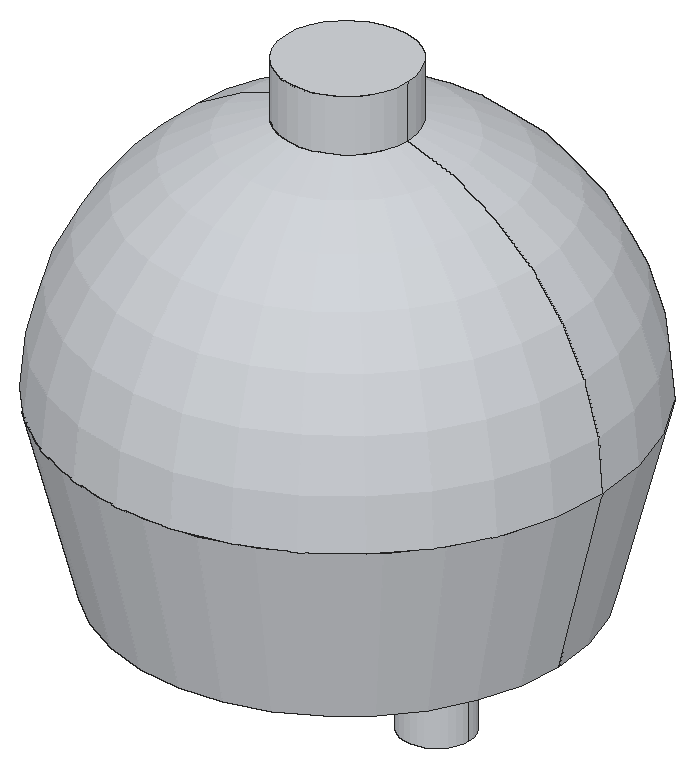
Revit family "M_Câmara de retardo", category Equipamento mecânico, Revit 2019
Family settings
  Cota do conector redondo = Usar raio
  Tipo de parte = Normal
  Número OmniClass = 23.85.30.21.11.17
  Título OmniClass = Other Components
  ID de item do Seek = Retard Chamber-0000-CAN-ENU
  Com base no plano de trabalho = Não
  Sempre na vertical = Sim
  Corte com vazios quando carregada = Não
  Compartilhado = Não
  Ponto de cálculo do ambiente = Não
Parameters (values of type "20 mm")
  Material da câmara de retardo = none
  Raio nominal = 10 mm
  Diâmetro nominal = Raio nominal * 2  # 20 mm
  Raio da drenagem = 7.5 mm
  Diâmetro da drenagem = Raio da drenagem * 2  # 15 mm
Reference planes
  plane 1 "Centro (Frente/Trás)": y = 0
  plane 2: z = 0
  plane 3 "Centro (Esquerda/Direita)": x = 0
  plane 4: z = 38.1
  plane 5: x = -34.925
  plane 6: x = 34.925
  plane 7: z = 104.775
  plane 8: z = 222.25
  plane 9: x = -23.812
  plane 10: x = 23.813
  plane 11: x = 100.013
Forms (mm)
  Extrusion 1, solid, material <- "Material da câmara de retardo", detail levels fine
    sketch origin (0, 0, 0) x (1, 0, 0) y (0, 1, 0)
      loop
        circle (-34.925, 0) r 14.288
      loop
        circle (34.925, 0) r 12.7
    from 0 to 38.1
  Revolve 2, solid, material <- "Material da câmara de retardo", detail levels fine
    sketch origin (0, 0, 0) x (1, 0, 0) y (0, 0, 1)
      loop
        arc (100.013, 104.775) -> (78.689, 166.504) -> (23.813, 201.911) r 100.013
        line (23.813, 201.911) -> (0, 201.911) -> (0, 104.775) -> (100.013, 104.775)
      axis (0, 201.911) -> (0, 104.775)
    angle from 0 to 360
  Blend 3, solid, material <- "Material da câmara de retardo", detail levels fine
    base sketch origin (0, 0, 0) x (1, 0, 0) y (0, 1, 0)
      loop
        circle (0, 0) r 100.013
    top sketch origin (0, 0, 0) x (1, 0, 0) y (0, 1, 0)
      loop
        circle (0, 0) r 82.55
    from 104.775 to 38.1
  Extrusion 4, solid, material <- "Material da câmara de retardo", detail levels fine
    sketch origin (0, 0, 0) x (1, 0, 0) y (0, 1, 0)
      loop
        circle (0, 0) r 23.813
    from 201.911 to 222.25
Cuts and joins
  joined: Revolve 2, Blend 3
Lines and regions (mm)
  model lines, detail levels coarse+medium
    curve 1: line (0, 0, 222.25) -> (0, 0, 180.043)
    curve 2: line (-34.925, 0, 38.1) -> (-34.925, 0, 0)
    curve 3: line (34.925, 0, 38.1) -> (34.925, 0, 0)
    curve 4: circle (0, 0, 104.775) r 75.268 normal (0, -1, 0)
Dimensions and locks
  locked: plane 4 to plane 2 at 38.1
  locked: plane 5 to plane 3 "Centro (Esquerda/Direita)" at 34.925
  locked: plane 3 "Centro (Esquerda/Direita)" to plane 6 at 34.925
  locked: plane 7 to plane 4 at 66.675
  locked: plane 8 to plane 7 at 117.475
  equal spacing: plane 10, plane 3 "Centro (Esquerda/Direita)", plane 9
  locked: plane 10 to plane 9 at 47.625
  locked: plane 11 to plane 3 "Centro (Esquerda/Direita)" at 100.013
  radius of Extrusion 1 sketch curve = 12.7 mm
  radius of Extrusion 1 sketch curve = 14.288 mm
  radius of Revolve 2 sketch curve = 100.013 mm
  radius of Blend 3 sketch curve = 100.013 mm
  radius of Blend 3 sketch curve = 82.55 mm
  radius of Extrusion 4 sketch curve = 23.813 mm
  aligned and locked: Extrusion 1 to plane 2
  aligned and locked: plane 4 to Extrusion 1
  aligned and locked: Revolve 2 sketch curve to Revolve 2 sketch curve
  aligned and locked: Revolve 2 sketch curve to plane 3 "Centro (Esquerda/Direita)"  (x2)
  aligned and locked: plane 7 to Revolve 2 sketch curve
  aligned and locked: plane 3 "Centro (Esquerda/Direita)" to Revolve 2 sketch curve  (x2)
  aligned and locked: Revolve 2 sketch curve to plane 7
  aligned and locked: plane 3 "Centro (Esquerda/Direita)" to Blend 3 sketch curve  (x2)
  aligned and locked: plane 1 "Centro (Frente/Trás)" to Blend 3 sketch curve  (x2)
  aligned and locked: Blend 3 to plane 7
  aligned and locked: Blend 3 to plane 4
  aligned and locked: plane 1 "Centro (Frente/Trás)" to Extrusion 4 sketch curve
  aligned and locked: plane 3 "Centro (Esquerda/Direita)" to Extrusion 4 sketch curve
  aligned and locked: plane 8 to Extrusion 4
  aligned and locked: Extrusion 4 to cut or joined group of Revolve 2, Blend 3
  aligned and locked: plane 8 to curve 1
  aligned and locked: curve 1 to plane 3 "Centro (Esquerda/Direita)"
  aligned and locked: plane 2 to curve 2
  aligned and locked: curve 2 to plane 5
  aligned and locked: plane 4 to curve 3
  aligned and locked: plane 2 to curve 3
  aligned and locked: curve 3 to plane 6
  aligned and locked: plane 7 to curve 4
  aligned and locked: plane 3 "Centro (Esquerda/Direita)" to curve 4
Automatic sketch dimensions
  Extrusion 1 sketch curve to plane 1 "Centro (Frente/Trás)" = 0 mm  (x2)
  Extrusion 1 sketch curve to plane 5 = 0 mm
  Extrusion 1 sketch curve to plane 6 = 0 mm
  Revolve 2 sketch curve to plane 10 = 0 mm
  Revolve 2 sketch curve to plane 8 = 7.639 mm
  plane 8 to Revolve 2 sketch curve = 17.761 mm
Connectors
  piping at (-34.925, 0, 0), diameter 20, driven by "Raio nominal"
    settings: on Extrusion 1, index 1, connector inside diameter 20 mm, connector length 0 mm, flow factor 0, pipe flow 0.0 L/s, pressure drop 0.0 Pa, fitting loss kfactor 0, connector angle 0.00°, fixture units 0, engagement length 0 mm, angle of deflection 0.00°, flow configuration 0, flow direction 1, fitting loss method 0, system type 29, joint type 0, gender type 0, connector reference index -1, connector utility 0, adjustable connector no, is connector primary yes, connector description "In"
  piping at (34.925, 0, 0), diameter 15, driven by "Raio da drenagem"
    settings: on Extrusion 1, index 2, connector inside diameter 15 mm, connector length 0 mm, flow factor 0, pipe flow 0.0 L/s, pressure drop 0.0 Pa, fitting loss kfactor 0, connector angle 0.00°, fixture units 0, engagement length 0 mm, angle of deflection 0.00°, flow configuration 1, flow direction 2, fitting loss method 0, system type 29, joint type 0, gender type 0, connector reference index -1, connector utility 0, adjustable connector no, is connector primary no, connector description "Saída da drenagem"
  piping at (0, 0, 222.25), diameter 20, driven by "Raio nominal"
    settings: on Extrusion 4, index 3, connector inside diameter 20 mm, connector length 0 mm, flow factor 0, pipe flow 0.0 L/s, pressure drop 0.0 Pa, fitting loss kfactor 0, connector angle 0.00°, fixture units 0, engagement length 0 mm, angle of deflection 0.00°, flow configuration 0, flow direction 2, fitting loss method 0, system type 29, joint type 0, gender type 0, connector reference index -1, connector utility 0, adjustable connector no, is connector primary no, connector description "Saída"
